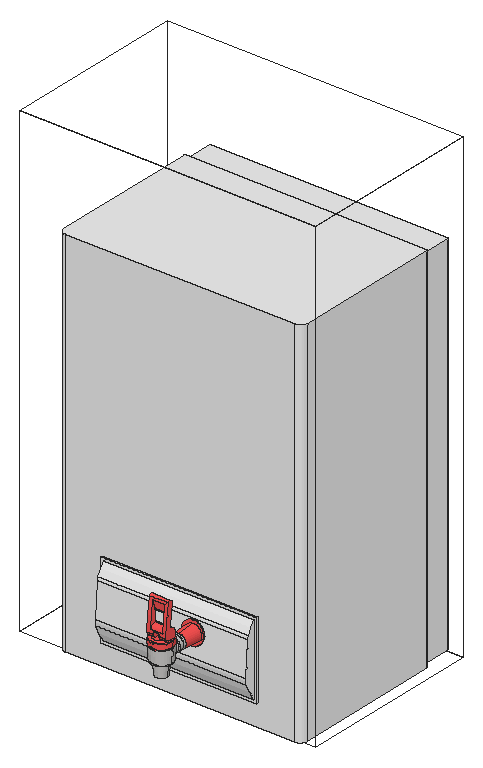
Revit family "SpecEquip_BoilingUnit_Zip UK_On-Wall_HydroBoil", category Specialty Equipment, Revit 2016
Family settings
  Part Type = Normal
  Round Connector Dimension = Use Diameter
  OmniClass Number = 23.75.70.17.21
  OmniClass Title = Embedded Water Heating Terminals
  Work Plane-Based = No
  Always vertical = Yes
  Cut with Voids When Loaded = Yes
  Shared = No
  Room Calculation Point = No
Parameters (values of type "15.0l")
  Uniclass2015Version = "Products v1.14"
  Uniclass2015Title = "Electric storage water heaters"
  Uniclass2015Code = "Pr_60_60_96_28"
  URL = "https://www.zipwater.co.uk/"
  Type Comments = "15.0 Litre Hydroboil"
  Tap distance = 91.000 mm
  Required Space [instance] = yes
  ModifiedIssue_ANZRS = 20190830
  Model = "315552"
  Manufacturer_URL__Product Specific = "https://specify.zipwater.co.uk/our-ranges/hydroboil"
  Manufacturer_Spec Code = Model  # "315552"
  Manufacturer_Overall Width = 390.000 mm
  Manufacturer_Overall Height = 600.000 mm
  Manufacturer_Overall Depth = 299.000 mm
  Manufacturer_Height From FFL [instance] = 900.000 mm
  Manufacturer = "ZIP Water UK"  # constant formula
  IfcExportType = "WATER"
  IfcExportAs = "IfcBoiler"
  Body Material = z_Zip_White
  Description = "HydroBoil - On wall boiling water "
  CreatedBy_ANZRS = "IGS BIM Solutions"  # constant formula
  CreatedByURL_ANZRS = "https://igsgroup.com.au/"
  Tap Material = z_Zip_Stainless Steel
Types (8, lengths in mm): name | Type Comments | Tap distance | Model | Manufacturer_Spec Code | Manufacturer_Overall Width | Manufacturer_Overall Height | Manufacturer_Overall Depth
  5.0l | "5.0 Litre Hydroboil" | 91.000 | "305552" | "305552" | 318.000 | 465.000 | 198.000
  3.0l | "3.0 Litre Hydroboil" | 77.000 | "303552" | "303552" | 289.000 | 431.000 | 180.000
  1.5l | "1.5 Litre Hydroboil" | 91.000 | "301552" | "301552" | 289.000 | 356.000 | 180.000
  7.0l | "7.0 Litre Hydroboil" | 91.000 | "307552" | "307552" | 318.000 | 578.000 | 198.000
  10.0l | "10.0 Litre Hydroboil" | 91.000 | "310552" | "310552" | 390.000 | 600.000 | 244.000
  15.0l | "15.0 Litre Hydroboil" | 91.000 | "315552" | "315552" | 390.000 | 600.000 | 299.000
  25.0l | "25.0 Litre Hydroboil" | 91.000 | "325552" | "325552" | 390.000 | 780.000 | 299.000
  40.0l | "40.0 Litre Hydroboil" | 62.000 | "340552" | "340552" | 515.000 | 840.000 | 284.000
Reference planes
  plane 1 "Ref. Level": z = 0
  plane 2 "Center (Left/Right)": x = 1
  plane 3 "Right": x = 196
  plane 4 "Left": x = -194
  plane 5 "Bottom": z = 900
  plane 6 "Front": y = -183.5
  plane 7 "Top": z = 1500
  plane 8 "Back": y = 115.5
  plane 9 "Center (Front/Back)": y = -34
  plane 10 "Front of tap": y = -281.5
  plane 11 "Right Offset": x = 126
  plane 12 "Left Offset": x = -124
  plane 13 "Back offset": y = 68.5
  plane 14 "Top offset": z = 1495.3
  plane 15 "Bottom offset": z = 904.7
  plane 16 "Vertical Tap position": x = 35
  plane 17 "Horizontal Tap position": z = 1012
  plane 18 "Center of tap": y = -263.7
Forms (mm)
  Extrusion 1, solid, material "z_Zip_White" <- "Body Material"
    sketch origin (0, 0, 1500) x (0, 1, 0) y (-1, 0, 0)
      loop
        arc (115.5, 188.5) -> (115.061, 189.561) -> (114, 190) r 1.5
        line (114, 190) -> (68.5, 190) -> (68.5, -192) -> (114, -192)
        arc (114, -192) -> (115.061, -191.561) -> (115.5, -190.5) r 1.5
        line (115.5, -190.5) -> (115.5, 188.5)
    from -595.3 to -4.7
  Extrusion 2, solid, material "z_Zip_White" <- "Body Material"
    sketch origin (0, 0, 900) x (-1, 0, 0) y (0, -1, 0)
      loop
        arc (194, 171.5) -> (190.485, 179.985) -> (182, 183.5) r 12
        line (182, 183.5) -> (-184, 183.5)
        arc (-184, 183.5) -> (-192.485, 179.985) -> (-196, 171.5) r 12
        line (-196, 171.5) -> (-196, -67)
        arc (-196, -67) -> (-195.561, -68.061) -> (-194.5, -68.5) r 1.5
        line (-194.5, -68.5) -> (192.5, -68.5)
        arc (192.5, -68.5) -> (193.561, -68.061) -> (194, -67) r 1.5
        line (194, -67) -> (194, 171.5)
    from 0 to 600
  Extrusion 3, solid, material "z_Zip_White" <- "Body Material"
    sketch origin (48.351, 115.5, -74.33) x (-1, 0, 0) y (0, 0, 1)
      loop
        circle (-68.149, 999.33) r 7.5
    from 0 to 5
  Extrusion 4, solid, material "z_Zip_White" <- "Body Material"
    sketch origin (29.351, 115.5, -59.33) x (-1, 0, 0) y (0, 0, 1)
      loop
        circle (-26.649, 999.33) r 3
    from 0 to 5
  Revolve 5, solid, material "z_Zip_Red"
    sketch origin (35, -1519, 1924.726) x (0, 0, 1) y (0, -1, 0)
      loop
        line (-901.676, -1289.8) -> (-912.726, -1289.8) -> (-912.726, -1322.687) -> (-898.823, -1322.687) -> (-901.676, -1289.8)
      axis (-912.726, -1322.687) -> (-912.726, -1289.8)
    angle from 0 to 360
  Revolve 6, solid, material "z_Zip_Stainless Steel" <- "Tap Material"
    sketch origin (35, -1519, 1924.726) x (0, 0, 1) y (0, -1, 0)
      loop
        line (-912.726, -1289.8) -> (-901.676, -1289.8) -> (-901.726, -1285.8) -> (-902.511, -1285.8) -> (-901.726, -1285.296) -> (-901.726, -1278.858)
        arc (-901.726, -1278.858) -> (-901.894, -1277.574) -> (-902.386, -1276.376) r 5
        line (-902.386, -1276.376) -> (-906.698, -1268.834) -> (-912.726, -1268.834) -> (-912.726, -1289.8)
      axis (-912.726, -1289.8) -> (-912.726, -1268.834)
    angle from 0 to 360
  Revolve 7, solid, material "z_Zip_Stainless Steel" <- "Tap Material"
    sketch origin (-333, -263.7, 1200) x (-1, 0, 0) y (0, 0, 1)
      loop
        line (-350.54, -177.039) -> (-368, -177.039) -> (-368, -220.5) -> (-358.5, -220.5) -> (-357, -202.308)
        arc (-357, -202.308) -> (-356.536, -201.181) -> (-355.503, -200.533) r 2
        line (-355.503, -200.533) -> (-351.886, -199.612)
        arc (-351.886, -199.612) -> (-351.535, -199.388) -> (-351.389, -198.998) r 0.66
        line (-351.389, -198.998) -> (-350.54, -177.039)
      axis (-368, -177.039) -> (-368, -220.5)
    angle from 0 to 360
  Revolve 8, solid, material "z_Zip_Red"
    sketch origin (-333, -263.7, 1200) x (-1, 0, 0) y (0, 0, 1)
      loop
        line (-368, -177.039) -> (-350.54, -177.039)
        arc (-350.54, -177.039) -> (-350.819, -176.307) -> (-351.539, -176) r 1
        arc (-351.539, -176) -> (-351.034, -175.627) -> (-351.002, -175) r 0.734
        line (-351.002, -175) -> (-350.202, -175) -> (-350.202, -167.694)
        arc (-350.202, -167.694) -> (-350.775, -167.462) -> (-351.102, -166.938) r 0.999
        arc (-351.102, -166.938) -> (-352.374, -165.525) -> (-354.202, -165) r 3.449
        line (-354.202, -165) -> (-364.136, -165) -> (-364.136, -156.271) -> (-368, -156.271) -> (-368, -177.039)
      axis (-368, -156.271) -> (-368, -177.039)
    angle from 0 to 360
  Sweep 9, solid, material "z_Zip_Red"
    path origin (35, -263.7, 1035) x (-1, 0, 0) y (0, -1, 0)
      loop
        line (-15, 0) -> (15, 0)
    profile origin (35, -263.7, 1035) x (0, -1, 0) y (0, 0, 1)
      loop
        line (-5.039, 0) -> (5.217, 0)
        arc (5.217, 0) -> (8.366, 1.286) -> (9.716, 4.409) r 4.5
        arc (9.716, 4.409) -> (8.608, 29.491) -> (4.294, 54.224) r 195.439
        arc (4.294, 54.224) -> (0.795, 56.492) -> (-1.656, 53.119) r 3.03
        arc (-1.656, 53.119) -> (0.299, 36.054) -> (1.699, 18.936) r 529.475
        arc (1.699, 18.936) -> (1.277, 17.57) -> (0.051, 16.835) r 2
        line (0.051, 16.835) -> (-0.761, 16.692)
        arc (-0.761, 16.692) -> (-5.654, 13.867) -> (-7.587, 8.558) r 8.26
        line (-7.587, 8.558) -> (-7.587, 2.548)
        arc (-7.587, 2.548) -> (-6.84, 0.746) -> (-5.039, 0) r 2.548
  Extrusion 10, void
    sketch origin (0, -183.5, 10) x (-1, 0, 0) y (0, 0, 1)
      loop
        line (-31, 1033.729) -> (-39, 1033.729)
        arc (-39, 1033.729) -> (-39.354, 1033.582) -> (-39.5, 1033.229) r 0.5
        line (-39.5, 1033.229) -> (-39.5, 1025) -> (-30.5, 1025) -> (-30.5, 1033.229)
        arc (-30.5, 1033.229) -> (-30.646, 1033.582) -> (-31, 1033.729) r 0.5
    from -66.666 to -96.204
  Sweep 11, void
    path origin (0, -183.5, 10) x (-1, 0, 0) y (0, 0, 1)
      loop
        line (-25, 1047) -> (-45, 1047)
    profile origin (35, -183.5, 1057) x (0, 0, -1) y (0, 1, 0)
      loop
        arc (-29, -85.244) -> (-9.122, -88.624) -> (10.998, -89.937) r 195.439
        arc (10.998, -89.937) -> (6.268, -86.186) -> (5.165, -80.251) r 8.608
        arc (5.165, -80.251) -> (4.43, -81.477) -> (3.065, -81.899) r 2
        arc (3.065, -81.899) -> (-6.834, -81.157) -> (-16.717, -80.23) r 529.475
        line (-16.717, -80.23) -> (-15.345, -81.023)
        arc (-15.345, -81.023) -> (-14.792, -82.222) -> (-15.738, -83.144) r 1.144
        line (-15.738, -83.144) -> (-29, -85.244)
  Extrusion 12, solid, material "z_Zip_Required Space", visible <- "Required Space"
    sketch origin (0, 0, 1500) x (0, 1, 0) y (-1, 0, 0)
      loop
        line (115.5, 259) -> (-179.5, 259) -> (-179.5, -216) -> (115.5, -216) -> (115.5, 259)
    from -600 to 150
  Extrusion 13, solid, material "z_Zip_White" <- "Body Material"
    sketch origin (1, 0, 0) x (0, 1, 0) y (0, 0, 1)
      loop
        line (-183.5, 935) -> (-183.5, 1059) -> (-186, 1059) -> (-186, 935) -> (-183.5, 935)
    from -125 to 125
  Extrusion 14, solid, material "z_Zip_White" <- "Body Material"
    sketch origin (1, 0, 0) x (0, 1, 0) y (0, 0, 1)
      loop
        line (-186, 939.5) -> (-186, 1054.5)
        arc (-186, 1054.5) -> (-192.229, 1045.829) -> (-197.4, 1036.488) r 91
        arc (-197.4, 1036.488) -> (-198.364, 1033.883) -> (-198.83, 1031.145) r 15
        line (-198.83, 1031.145) -> (-202.974, 976.767)
        arc (-202.974, 976.767) -> (-202.876, 972.551) -> (-201.948, 968.438) r 21.269
        arc (-201.948, 968.438) -> (-195.298, 953.239) -> (-186, 939.5) r 91
    from -120.5 to 120.5
  Extrusion 15, solid, material "z_Zip_Red"
    sketch origin (1, -198.83, 1031.145) x (0, -0.075982, -0.997109) y (1, 0, 0)
      loop
        circle (19.2, 34) r 18
    from 0 to 1
Cuts and joins
  Extrusion 10, Sweep 11 cuts Sweep 9
Lines and regions (mm)
  Masking region 1
    outline origin (0, 0, 1500) x (0, 1, 0) y (-1, 0, 0)
      loop
        line (115.5, -190.5) -> (115.5, 188.5)
        arc (115.5, 188.5) -> (115.061, 189.561) -> (114, 190) r 1.5
        line (114, 190) -> (68.5, 190) -> (68.5, 192.5)
        arc (68.5, 192.5) -> (68.061, 193.561) -> (67, 194) r 1.5
        line (67, 194) -> (-171.5, 194)
        arc (-171.5, 194) -> (-179.985, 190.485) -> (-183.5, 182) r 12
        line (-183.5, 182) -> (-183.5, 124) -> (-186, 124) -> (-186, 119.5) -> (-203.035, 119.5) -> (-203.035, -21.661) -> (-229.353, -23.963) -> (-233.194, -23.997) -> (-233.194, -24.781) -> (-233.72, -24.002) -> (-239.618, -24.002)
        arc (-239.618, -24.002) -> (-241.422, -24.239) -> (-243.103, -24.936) r 6.97
        line (-243.103, -24.936) -> (-247.556, -27.507)
        arc (-247.556, -27.507) -> (-281.498, -35) -> (-247.556, -42.493) r 17.798
        line (-247.556, -42.493) -> (-243.103, -45.064)
        arc (-243.103, -45.064) -> (-241.422, -45.761) -> (-239.618, -45.998) r 6.97
        line (-239.618, -45.998) -> (-233.72, -45.998) -> (-233.194, -45.219) -> (-233.194, -46.003) -> (-229.353, -46.037) -> (-203.035, -48.339) -> (-203.035, -121.5) -> (-186, -121.5) -> (-186, -126) -> (-183.5, -126) -> (-183.5, -184)
        arc (-183.5, -184) -> (-179.985, -192.485) -> (-171.5, -196) r 12
        line (-171.5, -196) -> (67, -196)
        arc (67, -196) -> (68.061, -195.561) -> (68.5, -194.5) r 1.5
        line (68.5, -194.5) -> (68.5, -192) -> (114, -192)
        arc (114, -192) -> (115.061, -191.561) -> (115.5, -190.5) r 1.5
  Split face 1
    outline origin (1, -198.83, 1031.145) x (0, -0.075982, -0.997109) y (1, 0, 0)
      loop
        line (0.625, -119.875) -> (53.91, -119.875) -> (53.91, 119.875) -> (0.625, 119.875) -> (0.625, -119.875)
  model lines, style "Appliances", detail levels medium+fine
    curve 1: line (196, -35.59, 1463.051) -> (196, -167.633, 1463.051)
    curve 2: line (196, -43.09, 1455.551) -> (196, -160.133, 1455.551)
    curve 3: arc (196, -43.09, 1455.551) -> (196, -37.787, 1457.748) -> (196, -35.59, 1463.051) r 7.5
    curve 4: arc (196, -160.133, 1455.551) -> (196, -165.436, 1457.748) -> (196, -167.633, 1463.051) r 7.5
    curve 5: line (196, -35.59, 1449.901) -> (196, -167.633, 1449.901)
    curve 6: line (196, -43.09, 1442.401) -> (196, -160.133, 1442.401)
    curve 7: arc (196, -43.09, 1442.401) -> (196, -37.787, 1444.598) -> (196, -35.59, 1449.901) r 7.5
    curve 8: arc (196, -160.133, 1442.401) -> (196, -165.436, 1444.598) -> (196, -167.633, 1449.901) r 7.5
    curve 9: line (196, -35.59, 1436.863) -> (196, -167.633, 1436.863)
    curve 10: line (196, -43.09, 1429.363) -> (196, -160.133, 1429.363)
    curve 11: arc (196, -43.09, 1429.363) -> (196, -37.787, 1431.56) -> (196, -35.59, 1436.863) r 7.5
    curve 12: arc (196, -160.133, 1429.363) -> (196, -165.436, 1431.56) -> (196, -167.633, 1436.863) r 7.5
    curve 13: line (196, -35.59, 1423.939) -> (196, -167.633, 1423.939)
    curve 14: line (196, -43.09, 1416.439) -> (196, -160.133, 1416.439)
    curve 15: arc (196, -43.09, 1416.439) -> (196, -37.787, 1418.636) -> (196, -35.59, 1423.939) r 7.5
    curve 16: arc (196, -160.133, 1416.439) -> (196, -165.436, 1418.636) -> (196, -167.633, 1423.939) r 7.5
    curve 17: line (196, -35.59, 1411.043) -> (196, -167.633, 1411.043)
    curve 18: line (196, -43.09, 1403.543) -> (196, -160.133, 1403.543)
    curve 19: arc (196, -43.09, 1403.543) -> (196, -37.787, 1405.74) -> (196, -35.59, 1411.043) r 7.5
    curve 20: arc (196, -160.133, 1403.543) -> (196, -165.436, 1405.74) -> (196, -167.633, 1411.043) r 7.5
    curve 21: line (-194, -35.59, 1463.051) -> (-194, -167.633, 1463.051)
    curve 22: line (-194, -43.09, 1455.551) -> (-194, -160.133, 1455.551)
    curve 23: arc (-194, -43.09, 1455.551) -> (-194, -37.787, 1457.748) -> (-194, -35.59, 1463.051) r 7.5
    curve 24: arc (-194, -160.133, 1455.551) -> (-194, -165.436, 1457.748) -> (-194, -167.633, 1463.051) r 7.5
    curve 25: line (-194, -35.59, 1449.901) -> (-194, -167.633, 1449.901)
    curve 26: line (-194, -43.09, 1442.401) -> (-194, -160.133, 1442.401)
    curve 27: arc (-194, -43.09, 1442.401) -> (-194, -37.787, 1444.598) -> (-194, -35.59, 1449.901) r 7.5
    curve 28: arc (-194, -160.133, 1442.401) -> (-194, -165.436, 1444.598) -> (-194, -167.633, 1449.901) r 7.5
    curve 29: line (-194, -35.59, 1436.863) -> (-194, -167.633, 1436.863)
    curve 30: line (-194, -43.09, 1429.363) -> (-194, -160.133, 1429.363)
    curve 31: arc (-194, -43.09, 1429.363) -> (-194, -37.787, 1431.56) -> (-194, -35.59, 1436.863) r 7.5
    curve 32: arc (-194, -160.133, 1429.363) -> (-194, -165.436, 1431.56) -> (-194, -167.633, 1436.863) r 7.5
    curve 33: line (-194, -35.59, 1423.939) -> (-194, -167.633, 1423.939)
    curve 34: line (-194, -43.09, 1416.439) -> (-194, -160.133, 1416.439)
    curve 35: arc (-194, -43.09, 1416.439) -> (-194, -37.787, 1418.636) -> (-194, -35.59, 1423.939) r 7.5
    curve 36: arc (-194, -160.133, 1416.439) -> (-194, -165.436, 1418.636) -> (-194, -167.633, 1423.939) r 7.5
    curve 37: line (-194, -35.59, 1411.043) -> (-194, -167.633, 1411.043)
    curve 38: line (-194, -43.09, 1403.543) -> (-194, -160.133, 1403.543)
    curve 39: arc (-194, -43.09, 1403.543) -> (-194, -37.787, 1405.74) -> (-194, -35.59, 1411.043) r 7.5
    curve 40: arc (-194, -160.133, 1403.543) -> (-194, -165.436, 1405.74) -> (-194, -167.633, 1411.043) r 7.5
    curve 41: line (196, -35.59, 1398.147) -> (196, -167.633, 1398.147)
    curve 42: line (196, -43.09, 1390.647) -> (196, -160.133, 1390.647)
    curve 43: arc (196, -43.09, 1390.647) -> (196, -37.787, 1392.844) -> (196, -35.59, 1398.147) r 7.5
    curve 44: arc (196, -160.133, 1390.647) -> (196, -165.436, 1392.844) -> (196, -167.633, 1398.147) r 7.5
    curve 45: line (-194, -35.59, 1398.147) -> (-194, -167.633, 1398.147)
    curve 46: line (-194, -43.09, 1390.647) -> (-194, -160.133, 1390.647)
    curve 47: arc (-194, -43.09, 1390.647) -> (-194, -37.787, 1392.844) -> (-194, -35.59, 1398.147) r 7.5
    curve 48: arc (-194, -160.133, 1390.647) -> (-194, -165.436, 1392.844) -> (-194, -167.633, 1398.147) r 7.5
  symbolic lines, style "Appliances", detail levels medium+fine
    curve 49: line (194.5, 68.5, 1500) -> (-192.5, 68.5, 1500)
    curve 50: line (-124, -183.5, 1500) -> (126, -183.5, 1500)
    curve 78: spline (17, -200.289, 1500) -> (17.613, -199.935, 1500) -> (19.412, -199.605, 1500) -> (22.272, -199.322, 1500) -> (26, -199.105, 1500) -> (30.341, -198.968, 1500) -> (35, -198.921, 1500) -> (39.659, -198.968, 1500) -> (44, -199.105, 1500) -> (47.728, -199.322, 1500) -> (50.588, -199.605, 1500) -> (52.387, -199.935, 1500) -> (53, -200.289, 1500)
    curve 79: spline (48.398, -202.199, 1500) -> (49.105, -202.136, 1500) -> (49.76, -202.069, 1500) -> (50.36, -201.999, 1500) -> (50.903, -201.927, 1500) -> (51.387, -201.852, 1500) -> (51.81, -201.775, 1500) -> (52.171, -201.696, 1500) -> (52.468, -201.616, 1500) -> (52.7, -201.535, 1500) -> (52.866, -201.452, 1500) -> (52.967, -201.369, 1500) -> (53, -201.286, 1500)
    curve 80: line (17, -200.289, 1500) -> (17, -201.286, 1500)
    curve 81: line (21.661, -203.035, 1500) -> (21.602, -202.199, 1500)
    curve 82: line (48.339, -203.035, 1500) -> (48.398, -202.199, 1500)
    curve 83: line (53, -200.289, 1500) -> (53, -201.286, 1500)
    curve 84: spline (17, -201.286, 1500) -> (17.033, -201.369, 1500) -> (17.134, -201.452, 1500) -> (17.3, -201.535, 1500) -> (17.532, -201.616, 1500) -> (17.829, -201.696, 1500) -> (18.19, -201.775, 1500) -> (18.613, -201.852, 1500) -> (19.097, -201.927, 1500) -> (19.64, -201.999, 1500) -> (20.24, -202.069, 1500) -> (20.895, -202.136, 1500) -> (21.602, -202.199, 1500)
  symbolic lines, style "Appliances", detail levels fine
    curve 51: line (-119.5, -186.996, 1500) -> (121.5, -186.996, 1500)
    curve 52: line (23.95, -229.2, 1500) -> (46.05, -229.2, 1500)
    curve 53: line (24, -233.2, 1500) -> (45.845, -233.2, 1500)
    curve 54: line (24.002, -233.704, 1500) -> (45.819, -233.704, 1500)
    curve 55: arc (42.493, -247.556, 1500) -> (35, -245.902, 1500) -> (27.507, -247.556, 1500) r 17.798
    curve 56: line (20, -256.113, 1500) -> (20, -273.437, 1500)
    curve 57: line (50, -256.113, 1500) -> (50, -273.437, 1500)
    curve 58: line (25, -268.744, 1500) -> (45, -268.744, 1500)
    curve 59: line (25, -273.437, 1500) -> (25, -268.744, 1500)
    curve 60: line (45, -273.437, 1500) -> (45, -268.744, 1500)
    curve 61: line (50, -273.437, 1500) -> (20, -273.437, 1500)
    curve 62: arc (20, -271.481, 1500) -> (35, -246.802, 1500) -> (50, -271.481, 1500) r 16.898
    curve 63: arc (48.933, -273.437, 1500) -> (35, -280.698, 1500) -> (21.067, -273.437, 1500) r 16.998
    curve 64: line (20, -256.113, 1500) -> (50, -256.113, 1500)
    curve 65: line (20, -262.044, 1500) -> (50, -262.044, 1500)
    curve 85: spline (53, -201.286, 1500) -> (52.387, -200.932, 1500) -> (50.588, -200.602, 1500) -> (47.728, -200.319, 1500) -> (44, -200.102, 1500) -> (39.659, -199.965, 1500) -> (35, -199.918, 1500) -> (30.341, -199.965, 1500) -> (26, -200.102, 1500) -> (22.272, -200.319, 1500) -> (19.412, -200.602, 1500) -> (17.613, -200.932, 1500) -> (17, -201.286, 1500)
  symbolic lines, style "Required Space"
    curve 66: line (-259, 115.5, 1500) -> (216, 115.5, 1500)
    curve 67: line (-259, -183.5, 1500) -> (-259, 115.5, 1500)
    curve 68: line (216, -183.5, 1500) -> (-259, -183.5, 1500)
    curve 69: line (216, 115.5, 1500) -> (216, -183.5, 1500)
    curve 70: line (-259, -183.5, 1650) -> (216, -183.5, 1650)
    curve 71: line (-259, -183.5, 900) -> (-259, -183.5, 1650)
    curve 72: line (216, -183.5, 900) -> (-259, -183.5, 900)
    curve 73: line (216, -183.5, 1650) -> (216, -183.5, 900)
    curve 74: line (1, 115.5, 1650) -> (1, -183.5, 1650)
    curve 75: line (1, 115.5, 900) -> (1, 115.5, 1650)
    curve 76: line (1, -183.5, 900) -> (1, 115.5, 900)
    curve 77: line (1, -183.5, 1650) -> (1, -183.5, 900)
Text (mm)
  text "Disclaimer:\n\nDue to ongoing product development and manufacturing evolution, product details are subject to change without notice. Please refer to product technical data sheets on the manufacturer’s website for the most current product information. Please allow a +/- 5mm manufacturing tolerance for dimensions and set-outs shown in product literature." at (829.224, 197.676, 0), in view "Ref. Level_Instruction"
Dimensions and locks
  "Manufacturer_Overall Width": plane 4 "Left" to plane 3 "Right"
  equal spacing: plane 4 "Left", plane 2 "Center (Left/Right)", plane 3 "Right"
  "Manufacturer_Height From FFL": plane 5 "Bottom" to plane 1 "Ref. Level"
  "Manufacturer_Overall Height": plane 7 "Top" to plane 5 "Bottom"
  "Manufacturer_Overall Depth": plane 8 "Back" to plane 6 "Front"
  equal spacing: plane 8 "Back", plane 9 "Center (Front/Back)", plane 6 "Front"
  Extrusion 1 sketch curve to plane 3 "Right" = 4.000 mm
  plane 4 "Left" to Extrusion 1 sketch curve = 4.000 mm
  locked: plane 6 "Front" to plane 10 "Front of tap" at 98
  equal spacing: plane 12 "Left Offset", plane 2 "Center (Left/Right)", plane 11 "Right Offset"  (x2)
  locked: plane 7 "Top" to plane 14 "Top offset" at 4.7
  locked: plane 15 "Bottom offset" to plane 5 "Bottom" at 4.7
  locked: plane 8 "Back" to plane 13 "Back offset" at 47
  locked: plane 17 "Horizontal Tap position" to plane 5 "Bottom" at 112
  locked: plane 18 "Center of tap" to plane 10 "Front of tap" at 17.8
  plane 12 "Left Offset" to plane 11 "Right Offset" = 250.000 mm
  "Tap distance": plane 16 "Vertical Tap position" to plane 11 "Right Offset"
  radius of Extrusion 1 sketch curve = 1.500 mm  (x2)
  radius of Extrusion 2 sketch curve = 1.500 mm  (x2)
  radius of Extrusion 2 sketch curve = 12.000 mm  (x2)
  diameter of Masking region 1 sketch curve = 35.596 mm
  aligned and locked: Extrusion 1 sketch curve to plane 8 "Back"
  aligned and locked: plane 7 "Top" to Extrusion 2
  aligned and locked: Extrusion 2 to plane 5 "Bottom"
  aligned and locked: Extrusion 2 sketch curve to plane 13 "Back offset"
  aligned and locked: plane 14 "Top offset" to Extrusion 1
  aligned and locked: Extrusion 1 to plane 15 "Bottom offset"
  aligned and locked: Revolve 5 sketch curve to plane 17 "Horizontal Tap position"
  aligned and locked: Revolve 7 sketch curve to plane 16 "Vertical Tap position"
  aligned and locked: Sweep 9 sketch curve to profile plane
  aligned and locked: Extrusion 12 to plane 5 "Bottom"
  aligned and locked: plane 16 "Vertical Tap position" to Extrusion 15 sketch curve
Automatic sketch dimensions
  Extrusion 1 sketch curve to plane 13 "Back offset" = 0.000 mm
  Extrusion 2 sketch curve to plane 3 "Right" = 0.000 mm
  Extrusion 2 sketch curve to plane 6 "Front" = 0.000 mm
  Extrusion 2 sketch curve to plane 4 "Left" = 0.000 mm
  plane 16 "Vertical Tap position" to Extrusion 10 sketch curve = 4.500 mm
  Extrusion 10 sketch curve to Extrusion 10 sketch curve = 0.500 mm
  Extrusion 10 sketch curve to plane 16 "Vertical Tap position" = 4.000 mm
  Extrusion 10 sketch curve to plane 16 "Vertical Tap position" = 4.500 mm
  plane 17 "Horizontal Tap position" to Extrusion 10 sketch curve = 23.000 mm
  Extrusion 10 sketch curve to Extrusion 10 sketch curve = 8.229 mm
  plane 16 "Vertical Tap position" to Sweep 11 sketch curve = 10.000 mm
  plane 17 "Horizontal Tap position" to Sweep 11 sketch curve = 45.000 mm
  Sweep 11 sketch curve to plane 16 "Vertical Tap position" = 10.000 mm
  profile plane to Sweep 11 sketch curve = 29.000 mm
  Sweep 11 sketch curve to Sweep 11 sketch curve = 12.283 mm
  Sweep 11 sketch curve to Sweep 11 sketch curve = 0.800 mm
  Sweep 11 sketch curve to Sweep 11 sketch curve = 0.179 mm
  Sweep 11 sketch curve to Sweep 11 sketch curve = 0.572 mm
  Sweep 11 sketch curve to profile plane = 3.195 mm
  Sweep 11 sketch curve to Sweep 11 sketch curve = 10.447 mm
  Sweep 11 sketch curve to profile plane = 13.654 mm
  Sweep 11 sketch curve to profile plane = 37.668 mm
  Sweep 11 sketch curve to plane 6 "Front" = 85.244 mm
  Sweep 11 sketch curve to Sweep 11 sketch curve = 2.100 mm
  Sweep 11 sketch curve to Sweep 11 sketch curve = 1.130 mm
  Sweep 11 sketch curve to Sweep 11 sketch curve = 0.723 mm
  Sweep 11 sketch curve to Sweep 11 sketch curve = 0.792 mm
  plane 6 "Front" to Sweep 11 sketch curve = 105.483 mm
  Sweep 11 sketch curve to Sweep 11 sketch curve = 340.961 mm
  Sweep 11 sketch curve to Sweep 11 sketch curve = 0.000 mm  (x2)
  Sweep 11 sketch curve to Sweep 11 sketch curve = 1.842 mm
  Sweep 11 sketch curve to Sweep 11 sketch curve = 1.970 mm
  Sweep 11 sketch curve to Sweep 11 sketch curve = 2.644 mm
  plane 17 "Horizontal Tap position" to Revolve 6 sketch curve = 0.000 mm
  Revolve 6 sketch curve to plane 17 "Horizontal Tap position" = 0.000 mm
  plane 17 "Horizontal Tap position" to Revolve 6 sketch curve = 6.000 mm
  Revolve 6 sketch curve to Revolve 6 sketch curve = 6.028 mm
  Revolve 6 sketch curve to Revolve 6 sketch curve = 4.215 mm
  Revolve 6 sketch curve to Revolve 6 sketch curve = 4.340 mm
  Revolve 6 sketch curve to Revolve 6 sketch curve = 0.785 mm
  Revolve 6 sketch curve to Revolve 6 sketch curve = 0.000 mm
  Revolve 6 sketch curve to Revolve 6 sketch curve = 0.050 mm
  plane 18 "Center of tap" to Revolve 6 sketch curve = 34.500 mm
  Revolve 6 sketch curve to Revolve 6 sketch curve = 4.000 mm
  Revolve 6 sketch curve to Revolve 6 sketch curve = 0.504 mm
  Revolve 6 sketch curve to Revolve 6 sketch curve = 6.438 mm
  Revolve 6 sketch curve to Revolve 6 sketch curve = 7.541 mm
  plane 8 "Back" to Revolve 6 sketch curve = 65.727 mm
  Revolve 6 sketch curve to plane 10 "Front of tap" = 11.539 mm
  plane 10 "Front of tap" to Extrusion 12 sketch curve = 102.000 mm
  plane 8 "Back" to Extrusion 12 sketch curve = 0.000 mm
  Extrusion 12 sketch curve to plane 3 "Right" = 20.000 mm
  plane 4 "Left" to Extrusion 12 sketch curve = 65.000 mm
  Extrusion 14 sketch curve to plane 6 "Front" = 19.474 mm
  Extrusion 14 sketch curve to plane 6 "Front" = 15.330 mm
  Extrusion 14 sketch curve to plane 6 "Front" = 2.500 mm
  plane 6 "Front" to Extrusion 14 sketch curve = 1.734 mm
  Extrusion 14 sketch curve to plane 6 "Front" = 0.373 mm
  Extrusion 14 sketch curve to plane 17 "Horizontal Tap position" = 14.838 mm  (x2)
  plane 6 "Front" to Extrusion 14 sketch curve = 67.900 mm
  Extrusion 14 sketch curve to Extrusion 14 sketch curve = 0.263 mm
  Extrusion 14 sketch curve to plane 17 "Horizontal Tap position" = 35.233 mm
  Extrusion 14 sketch curve to Extrusion 14 sketch curve = 1.616 mm
  Extrusion 14 sketch curve to Extrusion 14 sketch curve = 28.938 mm
  plane 17 "Horizontal Tap position" to Extrusion 14 sketch curve = 18.005 mm
  Extrusion 14 sketch curve to Extrusion 14 sketch curve = 1.140 mm
  Extrusion 14 sketch curve to Extrusion 14 sketch curve = 18.012 mm
  Revolve 5 sketch curve to plane 17 "Horizontal Tap position" = 0.000 mm
  plane 17 "Horizontal Tap position" to Revolve 5 sketch curve = 11.050 mm
  plane 17 "Horizontal Tap position" to Revolve 5 sketch curve = 13.903 mm
  Revolve 5 sketch curve to plane 6 "Front" = 12.812 mm
  plane 8 "Back" to Revolve 5 sketch curve = 65.727 mm
  Revolve 5 sketch curve to plane 10 "Front of tap" = 11.539 mm
  Revolve 5 sketch curve to Revolve 5 sketch curve = 32.887 mm
  Masking region 1 sketch curve to plane 16 "Vertical Tap position" = 0.000 mm
  Masking region 1 sketch curve to plane 18 "Center of tap" = 0.000 mm
  Masking region 1 sketch curve to plane 11 "Right Offset" = 0.000 mm
  Masking region 1 sketch curve to plane 12 "Left Offset" = 0.000 mm
  Masking region 1 sketch curve to plane 6 "Front" = 0.000 mm  (x2)
  Masking region 1 sketch curve to plane 3 "Right" = 0.000 mm
  Masking region 1 sketch curve to plane 4 "Left" = 0.000 mm
  Masking region 1 sketch curve to plane 13 "Back offset" = 0.000 mm  (x2)
  Masking region 1 sketch curve to plane 8 "Back" = 0.000 mm
  Masking region 1 sketch curve to plane 16 "Vertical Tap position" = 7.493 mm
  plane 16 "Vertical Tap position" to Masking region 1 sketch curve = 7.493 mm
  Masking region 1 sketch curve to plane 16 "Vertical Tap position" = 10.064 mm
  Masking region 1 sketch curve to Masking region 1 sketch curve = 4.453 mm  (x2)
  plane 16 "Vertical Tap position" to Masking region 1 sketch curve = 10.064 mm
  Masking region 1 sketch curve to Masking region 1 sketch curve = 3.485 mm  (x2)
  Masking region 1 sketch curve to Masking region 1 sketch curve = 5.898 mm  (x2)
  Masking region 1 sketch curve to Masking region 1 sketch curve = 0.526 mm  (x2)
  plane 16 "Vertical Tap position" to Masking region 1 sketch curve = 11.037 mm
  Masking region 1 sketch curve to Masking region 1 sketch curve = 3.841 mm  (x2)
  Masking region 1 sketch curve to plane 11 "Right Offset" = 4.500 mm
  Masking region 1 sketch curve to plane 6 "Front" = 19.535 mm
  Masking region 1 sketch curve to plane 6 "Front" = 2.500 mm  (x2)
  plane 3 "Right" to Masking region 1 sketch curve = 12.000 mm
  Masking region 1 sketch curve to Masking region 1 sketch curve = 12.000 mm
  plane 3 "Right" to Masking region 1 sketch curve = 1.500 mm
  Masking region 1 sketch curve to plane 13 "Back offset" = 1.500 mm
  Masking region 1 sketch curve to plane 8 "Back" = 1.500 mm  (x2)
  plane 3 "Right" to Masking region 1 sketch curve = 4.000 mm
  Masking region 1 sketch curve to Masking region 1 sketch curve = 0.034 mm
  Masking region 1 sketch curve to Masking region 1 sketch curve = 0.005 mm  (x2)
  Masking region 1 sketch curve to Masking region 1 sketch curve = 0.784 mm
  Masking region 1 sketch curve to plane 16 "Vertical Tap position" = 4.029 mm
  Masking region 1 sketch curve to Masking region 1 sketch curve = 0.779 mm
  Masking region 1 sketch curve to plane 12 "Left Offset" = 4.500 mm
  Masking region 1 sketch curve to plane 4 "Left" = 5.500 mm
  Masking region 1 sketch curve to plane 16 "Vertical Tap position" = 11.037 mm
  Masking region 1 sketch curve to plane 16 "Vertical Tap position" = 13.339 mm
  plane 16 "Vertical Tap position" to Masking region 1 sketch curve = 13.339 mm
  Masking region 1 sketch curve to Masking region 1 sketch curve = 17.035 mm
  Extrusion 15 sketch curve to Extrusion 14 = 35.335 mm
  Split face 1 sketch curve to Extrusion 14 = 0.625 mm  (x4)
  curve 74 to plane 6 "Front" = 0.000 mm
  curve 76 to plane 5 "Bottom" = 0.000 mm
  curve 76 to plane 8 "Back" = 0.000 mm
  plane 7 "Top" to curve 75 = 150.000 mm
  curve 21 to plane 9 "Center (Front/Back)" = 1.590 mm
  curve 45 to plane 9 "Center (Front/Back)" = 1.590 mm
  curve 37 to plane 9 "Center (Front/Back)" = 1.590 mm
  curve 33 to plane 9 "Center (Front/Back)" = 1.590 mm
  curve 29 to plane 9 "Center (Front/Back)" = 1.590 mm
  curve 25 to plane 9 "Center (Front/Back)" = 1.590 mm
  curve 26 to plane 9 "Center (Front/Back)" = 9.090 mm
  curve 47 to curve 47 = 7.500 mm
  curve 22 to curve 27 = 0.000 mm
  curve 37 to curve 39 = 7.500 mm
  curve 30 to plane 9 "Center (Front/Back)" = 9.090 mm
  curve 35 to curve 30 = 0.000 mm
  plane 6 "Front" to curve 24 = 23.367 mm
  plane 6 "Front" to curve 48 = 23.367 mm
  curve 26 to curve 22 = 0.000 mm
  curve 34 to curve 48 = 0.000 mm
  curve 32 to curve 28 = 0.000 mm
  curve 38 to curve 48 = 0.000 mm
  curve 46 to plane 14 "Top offset" = 104.653 mm
  curve 47 to curve 38 = 5.396 mm
  curve 40 to curve 34 = 5.396 mm
  curve 36 to curve 30 = 5.424 mm
  curve 32 to curve 26 = 5.538 mm
  curve 28 to curve 22 = 5.650 mm
  curve 72 to plane 5 "Bottom" = 0.000 mm
  curve 70 to plane 3 "Right" = 20.000 mm
  plane 4 "Left" to curve 72 = 65.000 mm
  plane 7 "Top" to curve 71 = 150.000 mm
  curve 55 to curve 62 = 0.000 mm
  curve 55 to curve 63 = 0.000 mm  (x2)
  curve 62 to curve 63 = 0.000 mm
  curve 62 to plane 16 "Vertical Tap position" = 0.000 mm
  curve 62 to plane 18 "Center of tap" = 0.000 mm
  curve 79 to plane 16 "Vertical Tap position" = 0.000 mm
  curve 67 to plane 6 "Front" = 0.000 mm
  curve 50 to plane 6 "Front" = 0.000 mm
  curve 49 to plane 13 "Back offset" = 0.000 mm
  curve 67 to plane 8 "Back" = 0.000 mm
  curve 50 to plane 11 "Right Offset" = 0.000 mm
  curve 50 to plane 12 "Left Offset" = 0.000 mm
  curve 58 to plane 18 "Center of tap" = 5.044 mm
  curve 61 to curve 58 = 4.693 mm
  plane 18 "Center of tap" to curve 64 = 7.587 mm
  curve 81 to plane 6 "Front" = 18.699 mm
  plane 16 "Vertical Tap position" to curve 82 = 13.398 mm
  curve 82 to plane 6 "Front" = 18.699 mm
  curve 84 to curve 80 = 1.910 mm
  curve 66 to plane 3 "Right" = 20.000 mm
  curve 83 to curve 82 = 4.602 mm
  plane 16 "Vertical Tap position" to curve 61 = 15.000 mm
  curve 62 to curve 58 = 5.000 mm
  curve 58 to plane 16 "Vertical Tap position" = 10.000 mm
  curve 58 to curve 64 = 5.000 mm
  plane 4 "Left" to curve 66 = 65.000 mm
  curve 56 to curve 62 = 1.956 mm
  plane 18 "Center of tap" to curve 65 = 1.656 mm
  curve 56 to curve 55 = 8.557 mm
  plane 16 "Vertical Tap position" to curve 55 = 7.493 mm
  curve 57 to curve 55 = 8.557 mm
  curve 55 to curve 54 = 13.852 mm
  curve 54 to curve 53 = 0.504 mm
  curve 53 to curve 52 = 4.000 mm
  curve 81 to curve 81 = 0.836 mm
  curve 82 to curve 79 = 0.836 mm
  curve 80 to curve 80 = 0.997 mm
  curve 51 to plane 6 "Front" = 3.496 mm
  plane 3 "Right" to curve 49 = 1.500 mm
  curve 51 to plane 11 "Right Offset" = 4.500 mm
  curve 57 to curve 63 = 1.067 mm
  curve 79 to curve 82 = 0.058 mm
  plane 16 "Vertical Tap position" to curve 52 = 11.050 mm
  curve 52 to curve 53 = 0.205 mm
  curve 53 to curve 54 = 0.026 mm
  curve 54 to plane 16 "Vertical Tap position" = 10.998 mm
  curve 54 to curve 53 = 0.002 mm
  curve 53 to curve 52 = 0.050 mm
  curve 81 to curve 81 = 0.058 mm
  curve 51 to plane 12 "Left Offset" = 4.500 mm
  curve 49 to plane 4 "Left" = 1.500 mm
  curve 1 to plane 9 "Center (Front/Back)" = 1.590 mm
  curve 1 to plane 14 "Top offset" = 32.249 mm
  curve 3 to curve 2 = 7.500 mm
  curve 5 to plane 9 "Center (Front/Back)" = 1.590 mm
  curve 3 to curve 5 = 5.650 mm
  curve 7 to curve 6 = 7.500 mm
  curve 9 to plane 9 "Center (Front/Back)" = 1.590 mm
  curve 7 to curve 9 = 5.538 mm
  curve 11 to curve 10 = 7.500 mm
  curve 13 to plane 9 "Center (Front/Back)" = 1.590 mm
  curve 10 to curve 13 = 5.424 mm
  curve 16 to curve 14 = 7.500 mm
  curve 17 to plane 9 "Center (Front/Back)" = 1.590 mm
  curve 15 to curve 17 = 5.396 mm
  curve 19 to curve 18 = 7.500 mm
  curve 41 to plane 9 "Center (Front/Back)" = 1.590 mm
  curve 19 to curve 41 = 5.396 mm
  curve 43 to curve 42 = 7.500 mm
  plane 6 "Front" to curve 4 = 23.367 mm
  plane 6 "Front" to curve 44 = 23.367 mm
  curve 6 to curve 2 = 0.000 mm
  curve 14 to curve 44 = 0.000 mm
  curve 12 to curve 6 = 0.000 mm
  curve 18 to curve 44 = 0.000 mm
  Extrusion 3 sketch curve to plane 11 "Right Offset" = 9.500 mm
  plane 15 "Bottom offset" to Extrusion 3 sketch curve = 20.300 mm
  plane 16 "Vertical Tap position" to Extrusion 4 sketch curve = 21.000 mm
  plane 15 "Bottom offset" to Extrusion 4 sketch curve = 35.300 mm
  Revolve 7 sketch curve to plane 16 "Vertical Tap position" = 0.000 mm
  Revolve 7 sketch curve to plane 16 "Vertical Tap position" = 9.500 mm
  Revolve 7 sketch curve to plane 16 "Vertical Tap position" = 11.000 mm
  Revolve 7 sketch curve to Revolve 7 sketch curve = 1.497 mm
  Revolve 7 sketch curve to Revolve 7 sketch curve = 0.496 mm
  Revolve 7 sketch curve to Revolve 7 sketch curve = 3.455 mm
  Revolve 7 sketch curve to Revolve 7 sketch curve = 0.163 mm
  Revolve 7 sketch curve to plane 17 "Horizontal Tap position" = 10.998 mm
  Revolve 7 sketch curve to Revolve 7 sketch curve = 0.660 mm
  Revolve 7 sketch curve to plane 16 "Vertical Tap position" = 17.460 mm
  Revolve 7 sketch curve to Revolve 7 sketch curve = 0.614 mm
  Revolve 7 sketch curve to Revolve 7 sketch curve = 0.921 mm
  Revolve 7 sketch curve to Revolve 7 sketch curve = 1.776 mm
  Revolve 7 sketch curve to Revolve 7 sketch curve = 18.192 mm
  plane 17 "Horizontal Tap position" to Revolve 7 sketch curve = 10.961 mm
  Revolve 7 sketch curve to level = 132.900 mm
  plane 7 "Top" to Revolve 7 sketch curve = 366.855 mm
  Revolve 8 sketch curve to plane 16 "Vertical Tap position" = 0.000 mm  (x2)
  Revolve 8 sketch curve to plane 16 "Vertical Tap position" = 3.864 mm
  Revolve 8 sketch curve to Revolve 8 sketch curve = 9.933 mm
  Revolve 8 sketch curve to Revolve 8 sketch curve = 2.521 mm
  Revolve 8 sketch curve to Revolve 8 sketch curve = 0.142 mm
  Revolve 8 sketch curve to Revolve 8 sketch curve = 0.679 mm
  Revolve 8 sketch curve to Revolve 8 sketch curve = 0.999 mm
  Revolve 8 sketch curve to Revolve 8 sketch curve = 0.800 mm
  Revolve 8 sketch curve to Revolve 8 sketch curve = 0.070 mm
  plane 17 "Horizontal Tap position" to Revolve 8 sketch curve = 10.961 mm
  Revolve 8 sketch curve to Revolve 8 sketch curve = 0.039 mm
  Revolve 8 sketch curve to Revolve 8 sketch curve = 0.721 mm
  Revolve 8 sketch curve to Revolve 8 sketch curve = 6.830 mm
  Revolve 8 sketch curve to Revolve 8 sketch curve = 0.756 mm
  Revolve 8 sketch curve to Revolve 8 sketch curve = 0.997 mm
  Revolve 8 sketch curve to Revolve 8 sketch curve = 3.449 mm
  Revolve 8 sketch curve to Revolve 8 sketch curve = 8.729 mm
  Revolve 8 sketch curve to level = 132.900 mm
  plane 7 "Top" to Revolve 8 sketch curve = 366.855 mm
  Revolve 8 to Sweep 9 sketch curve = 0.000 mm
  Sweep 9 sketch curve to Sweep 9 sketch curve = 30.000 mm
  Sweep 9 sketch curve to profile plane = 15.668 mm
  profile plane to Sweep 9 sketch curve = 526.644 mm
  profile plane to Sweep 9 sketch curve = 8.347 mm
  profile plane to Sweep 9 sketch curve = 185.683 mm
  profile plane to Sweep 9 sketch curve = 2.548 mm
  profile plane to Sweep 9 sketch curve = 7.587 mm
  profile plane to Sweep 9 sketch curve = 0.761 mm
  profile plane to Sweep 9 sketch curve = 0.297 mm
  Sweep 9 sketch curve to profile plane = 0.051 mm
  Sweep 9 sketch curve to profile plane = 0.673 mm
  Sweep 9 sketch curve to profile plane = 1.349 mm
  Sweep 9 sketch curve to profile plane = 5.217 mm
  Sweep 9 sketch curve to Sweep 9 sketch curve = 4.500 mm
  Sweep 9 sketch curve to Sweep 9 sketch curve = 4.058 mm
  Sweep 9 sketch curve to Sweep 9 sketch curve = 0.143 mm
  Sweep 9 sketch curve to Sweep 9 sketch curve = 1.970 mm
  Sweep 9 sketch curve to Sweep 9 sketch curve = 34.577 mm
  profile plane to Sweep 9 sketch curve = 1.656 mm
  Sweep 9 sketch curve to Sweep 9 sketch curve = 0.000 mm  (x2)
  Extrusion 13 sketch curve to plane 6 "Front" = 0.000 mm
  Extrusion 13 sketch curve to plane 6 "Front" = 2.500 mm
  plane 15 "Bottom offset" to Extrusion 13 sketch curve = 30.300 mm
  plane 17 "Horizontal Tap position" to Extrusion 13 sketch curve = 47.000 mm
  curve 84 to plane 16 "Vertical Tap position" = 0.000 mm
  curve 81 to curve 85 = 4.602 mm
  curve 85 to plane 16 "Vertical Tap position" = 0.000 mm
  radius of Extrusion 15 sketch curve = 18.000 mm
  radius of Extrusion 3 sketch curve = 7.500 mm
  radius of Extrusion 4 sketch curve = 3.000 mm
Connectors
  piping at (116.5, 120.5, 925), diameter 15
    settings: on Extrusion 3, index 1, connector inside diameter 609.6 mm, connector length 0.000 mm, flow factor 0, pipe flow 0.0 L/s, pressure drop 0.0 Pa, fitting loss kfactor 0, connector angle 0.00°, fixture units 0, engagement length 0.000 mm, angle of deflection 0.00°, flow configuration 0, flow direction 1, fitting loss method 4, system type 20, joint type 0, gender type 0, connector reference index -1, connector utility 0, adjustable connector no, is connector primary yes, connector description "Cold Water Supply"
  electrical at (56, 120.5, 940)
    settings: on Extrusion 4, index 2, voltage 230 V, apparent load 0 VA, apparent load phase1 0 VA, apparent load phase2 0 VA, apparent load phase3 0 VA, power factor 1, load classification "Other", number of poles 1, system type 30, power factor state 1, is connector primary yes, connector utility no, sub classification motor no, connector description "Electrical Connection"
